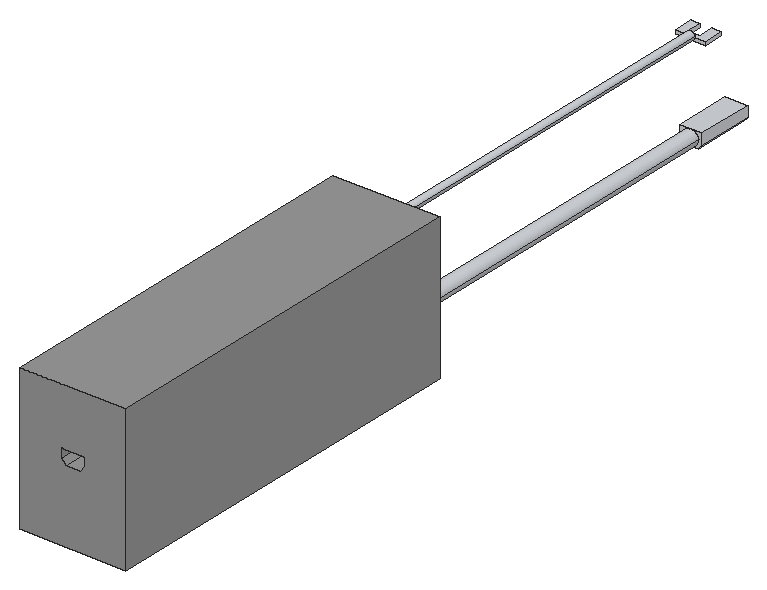
Revit family "Feinschutzgerät für ISDN RJ45", category Generic Models, Revit 2015
Parameters (values of type "RJ45-TELE 4-F")
  Width = 28 mm
  URL = "http://www.obo-bettermann.com"
  Material = Aluminum
  Manufacturer Art.No. = "5081984"
  Manufacturer = "OBO Bettermann"
  Length 1 = 218 mm
  Length = 103 mm
  Height = 38 mm
  GTIN = "4012196415687"
  Article Type = "RJ45-TELE 4-F"
Types (3, lengths in mm): name | Manufacturer Art.No. | GTIN | Article Type
  (no name) | "5081984" | "4012196415687" | "RJ45-TELE 4-F"
  RJ11-TELE 4-F | "5081977" | "4012196415663" | "RJ11-TELE 4-F"
  RJ45-TELE 4-F | "5081984" | "4012196415687" | "RJ45-TELE 4-F"
Reference planes
  plane 1 "Center (Front/Back)": y = 0
  plane 2: z = 0
  plane 3 "Center (Left/Right)": x = 0
  plane 4: y = 103
  plane 5: y = 218
  plane 6: y = 15
  plane 7: y = 203
  plane 8: z = 31
  plane 9: z = 32
Forms (mm)
  Extrusion 1, solid, material "Aluminum" <- "Material"
    sketch origin (0, 0, 0) x (1, 0, 0) y (0, 0, 1)
      loop
        line (-14, 0) -> (14, 0) -> (14, 38) -> (-14, 38) -> (-14, 0)
    from 0 to -103
  Extrusion 2, void
    sketch origin (0, 0, 0) x (1, 0, 0) y (0, 0, 1)
      loop
        line (-3, 23) -> (-3, 20.555) -> (-2, 19) -> (2, 19) -> (3, 20.555) -> (3, 23) -> (-3, 23)
    from -15 to 0
  Extrusion 3, solid
    sketch origin (0, 0, 0) x (1, 0, 0) y (0, 0, 1)
      loop
        circle (0, 8) r 2
    from -203 to -103
  Extrusion 4, solid
    sketch origin (0, 0, 0) x (1, 0, 0) y (0, 0, 1)
      loop
        line (3, 9.998) -> (-3, 9.998) -> (-3, 7.081) -> (-2.012, 5.998) -> (2.026, 5.998) -> (3, 7.081) -> (3, 9.998)
    from -218 to -203
  Extrusion 5, solid
    sketch origin (0, 0, 0) x (1, 0, 0) y (0, 0, 1)
      loop
        circle (0, 31.995) r 1
    from -203 to -103
  Extrusion 6, solid
    sketch origin (0, 0, 0) x (1, 0, 0) y (0, 1, 0)
      loop
        line (4, 203) -> (4, 208) -> (1.5, 208) -> (1.5, 204) -> (-1.5, 204) -> (-1.5, 208) -> (-4, 208) -> (-4, 203) -> (4, 203)
    from 31 to 32
Cuts and joins
  Extrusion 2 cuts Extrusion 1
Dimensions and locks
  "Height": Extrusion 1 sketch curve to Extrusion 1 sketch curve
  "Width": Extrusion 1 sketch curve to Extrusion 1 sketch curve
  equal spacing: Extrusion 1 sketch curve, plane 3 "Center (Left/Right)", Extrusion 1 sketch curve, locked at 14 each
  "Length": plane 1 "Center (Front/Back)" to plane 4
  "Length 1": plane 5 to plane 1 "Center (Front/Back)"
  locked: Extrusion 2 sketch curve to Extrusion 2 sketch curve at 6
  equal spacing: Extrusion 2 sketch curve, plane 3 "Center (Left/Right)", Extrusion 2 sketch curve, locked at 3 each
  locked: Extrusion 2 sketch curve to Extrusion 2 sketch curve at 4  (x2)
  equal spacing: Extrusion 2 sketch curve, plane 3 "Center (Left/Right)", Extrusion 2 sketch curve, locked at 2 each
  locked: Extrusion 1 to Extrusion 2 sketch curve at 15
  locked: plane 6 to plane 1 "Center (Front/Back)" at 15
  locked: cut or joined group of Extrusion 1, Extrusion 2 to Extrusion 3 sketch curve at 8
  locked: plane 5 to plane 7 at 15
  locked: Extrusion 4 sketch curve to Extrusion 4 sketch curve at 6
  equal spacing: Extrusion 4 sketch curve, plane 3 "Center (Left/Right)", Extrusion 4 sketch curve, locked at 3 each
  locked: Extrusion 4 sketch curve to Extrusion 4 sketch curve at 4
  locked: cut or joined group of Extrusion 1, Extrusion 2 to Extrusion 4 sketch curve at 5.998
  locked: Extrusion 5 sketch curve to cut or joined group of Extrusion 1, Extrusion 2 at 6.005
  locked: Extrusion 6 sketch curve to Extrusion 5 at 1
  locked: Extrusion 6 sketch curve to Extrusion 6 sketch curve at 3
  equal spacing: Extrusion 6 sketch curve, plane 3 "Center (Left/Right)", Extrusion 6 sketch curve, locked at 1.5 each
  locked: Extrusion 6 sketch curve to Extrusion 6 sketch curve at 8
  equal spacing: Extrusion 6 sketch curve, plane 3 "Center (Left/Right)", Extrusion 6 sketch curve, locked at 4 each
  locked: Extrusion 6 sketch curve to plane 7 at 5
  locked: plane 8 to level at 31
  locked: plane 8 to plane 9 at 1
  radius of Extrusion 3 sketch curve = 2 mm
  radius of Extrusion 5 sketch curve = 1 mm
  aligned and locked: level to plane 2
  aligned and locked: Extrusion 1 sketch curve to level
  aligned and locked: plane 1 "Center (Front/Back)" to Extrusion 1
  aligned and locked: plane 4 to Extrusion 1
  aligned and locked: plane 1 "Center (Front/Back)" to Extrusion 2
  aligned and locked: Extrusion 2 to plane 6
  aligned and locked: plane 7 to Extrusion 3
  aligned and locked: Extrusion 3 to plane 4
  aligned and locked: plane 5 to Extrusion 4
  aligned and locked: Extrusion 4 to Extrusion 3
  aligned and locked: Extrusion 3 to Extrusion 5
  aligned and locked: Extrusion 5 to plane 4
  aligned and locked: plane 7 to Extrusion 6 sketch curve
  aligned and locked: plane 8 to Extrusion 6
  aligned and locked: Extrusion 6 sketch curve to Extrusion 6 sketch curve
Automatic sketch dimensions
  Extrusion 2 sketch curve to Extrusion 2 sketch curve = 1.555 mm  (x2)
  Extrusion 3 sketch curve to plane 3 "Center (Left/Right)" = 0 mm
  Extrusion 4 sketch curve to Extrusion 4 sketch curve = 0.974 mm
  Extrusion 4 sketch curve to Extrusion 4 sketch curve = 0.988 mm
  Extrusion 4 sketch curve to Extrusion 4 sketch curve = 1.083 mm  (x2)
  Extrusion 5 sketch curve to plane 3 "Center (Left/Right)" = 0 mm
